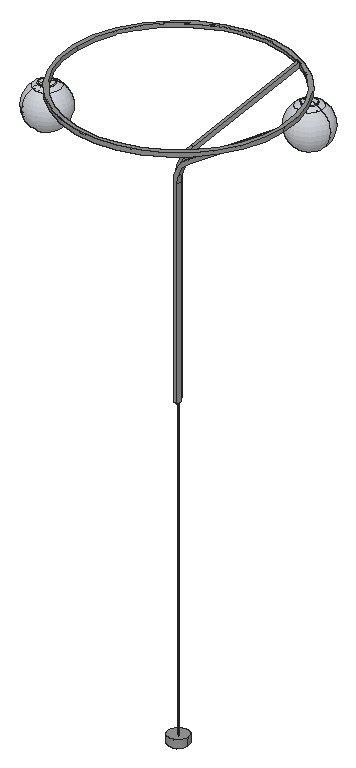
Revit family "Pendant lamp_Na Linii", category Lighting Fixtures, host Face, Revit 2019
Family settings
  Host = Face
  Round Connector Dimension = Use Diameter
  Part Type = Normal
  Cut with Voids When Loaded = No
  Light Source = No
  Shared = No
  Room Calculation Point = No
Parameters
  Material [instance] = Black matt
  Length [instance] = 800 mm
  Default Elevation = 1219.2 mm
Reference planes
  plane 1 "Center (Front/Back)": y = 0
  plane 2: z = 0
  plane 3 "Center (Left/Right)": x = 0
  plane 4: z = 800
  plane 5: z = 1530
  plane 6: z = 1520
Forms (mm)
  Extrusion 1, solid, material "Black matt" <- "Material"
    sketch origin (0, 0, 0) x (1, 0, 0) y (0, 1, 0)
      loop
        circle (0, 0) r 25
    from 0 to 20
  Revolve 2, solid, material "Black matt" <- "Material"
    sketch origin (0, 0, 0) x (1, 0, 0) y (0, 0, 1)
      loop
        line (-1, 800) -> (-1, 0) -> (0, 0) -> (0, 800) -> (-1, 800)
      axis (0, 800) -> (0, 0)
    angle from 0 to 360
  Revolve 3, solid, material "Black matt" <- "Material"
    sketch origin (0, 0, 0) x (1, 0, 0) y (0, 0, 1)
      loop
        line (-5, 800) -> (0, 800) -> (0, 825) -> (-5, 825) -> (-5, 800)
      axis (0, 825) -> (0, 800)
    angle from 0 to 360
  Sweep 4, solid, material "Black matt" <- "Material"
    path origin (-3, -10, 0) x (1, 0, 0) y (0, 0, 1)
      loop
        line (271.687, 1524.343) -> (41.402, 1374.794)
        arc (41.402, 1374.794) -> (16.339, 1347.68) -> (7.25, 1311.894) r 75
        line (7.25, 1311.894) -> (7.25, 800)
    profile origin (153.545, -10, 1449.568) x (0.544639, 0, -0.838671) y (0, -1, 0)
      loop
        line (-5, -5) -> (5, -5) -> (5, 5) -> (-5, 5) -> (-5, -5)
  Sweep 5, solid, material "Black matt" <- "Material"
    path origin (-10.16, 2.402, 0) x (0.5, 0.866025, 0) y (0, 0, 1)
      loop
        line (271.687, 1524.343) -> (41.402, 1374.794)
        arc (41.402, 1374.794) -> (16.339, 1347.68) -> (7.25, 1311.894) r 75
        line (7.25, 1311.894) -> (7.25, 800)
    profile origin (68.112, 137.974, 1449.568) x (0.27232, 0.471671, -0.838671) y (0.866025, -0.5, 0)
      loop
        line (-5, -5) -> (5, -5) -> (5, 5) -> (-5, 5) -> (-5, -5)
  Revolve 6, solid
    sketch origin (467.53, 134.978, 3.958) x (1, 0, 0) y (0, 0, 1)
      loop
        line (-233.748, 1506.102) -> (-263.741, 1506.102)
        arc (-263.741, 1506.102) -> (-286.476, 1444.357) -> (-233.748, 1405) r 55
        line (-233.748, 1405) -> (-233.748, 1506.102)
      axis (-233.748, 1405) -> (-233.748, 1506.102)
    angle from 0 to 360
  Revolve 7, solid
    sketch origin (467.53, 134.978, 13.958) x (1, 0, 0) y (0, 0, 1)
      loop
        arc (-233.748, 1506) -> (-242.738, 1505.274) -> (-251.495, 1503.113) r 56
        line (-251.495, 1503.113) -> (-251.495, 1502.113) -> (-254.246, 1502.113)
        arc (-254.246, 1502.113) -> (-260.064, 1499.431) -> (-265.537, 1496.102) r 56
        line (-265.537, 1496.102) -> (-233.748, 1496.102) -> (-233.748, 1506)
      axis (-233.748, 1496.102) -> (-233.748, 1506)
    angle from 0 to 360
  Extrusion 8, solid, material "Black matt" <- "Material"
    sketch origin (-902.879, -4572, 1520) x (-1, 0, 0) y (0, -1, 0)
      loop
        circle (-902.879, -4572) r 265
      loop
        circle (-902.879, -4572) r 275
    from 0.149 to 10
  Revolve 9, solid
    sketch origin (-350.659, -337.403, 3.958) x (-0.5, -0.866025, 0) y (0, 0, -1)
      loop
        line (-233.748, -1506.102) -> (-233.748, -1405)
        arc (-233.748, -1405) -> (-286.476, -1444.357) -> (-263.741, -1506.102) r 55
        line (-263.741, -1506.102) -> (-233.748, -1506.102)
      axis (-233.748, -1405) -> (-233.748, -1506.102)
    angle from 0 to 360
  Revolve 10, solid
    sketch origin (-350.659, -337.403, 13.958) x (-0.5, -0.866025, 0) y (0, 0, -1)
      loop
        line (-233.748, -1506) -> (-233.748, -1496.102) -> (-265.537, -1496.102)
        arc (-265.537, -1496.102) -> (-260.064, -1499.431) -> (-254.246, -1502.113) r 56
        line (-254.246, -1502.113) -> (-251.495, -1502.113) -> (-251.495, -1503.113)
        arc (-251.495, -1503.113) -> (-242.738, -1505.274) -> (-233.748, -1506) r 56
      axis (-233.748, -1496.102) -> (-233.748, -1506)
    angle from 0 to 360
Cuts and joins
  joined: Sweep 4, Sweep 5, Extrusion 8
Lines and regions (mm)
  symbolic lines
    curve 1: line (0, 0, 1520) -> (0, 150, 1520)
    curve 2: line (0, 0, 1520) -> (-150, 0, 1520)
    curve 3: line (0, 0, 1520) -> (150, 0, 1520)
    curve 4: line (0, 0, 1520) -> (0, -150, 1520)
Dimensions and locks
  "Length": plane 4 to plane 2
  locked: plane 5 to plane 4 at 730
  locked: plane 5 to plane 6 at 10
  aligned and locked: plane 2 to host face
  aligned and locked: level to host face
  aligned and locked: Revolve 2 sketch curve to plane 4
  aligned and locked: Revolve 2 sketch curve to plane 3 "Center (Left/Right)"
  aligned and locked: Revolve 2 sketch curve to plane 2
  aligned and locked: Revolve 3 sketch curve to plane 4
  aligned and locked: plane 5 to Extrusion 8
  aligned and locked: Extrusion 8 to Sweep 5
Automatic sketch dimensions
  host sketch curve to host sketch curve = 2438.4 mm  (x2)
  plane 1 "Center (Front/Back)" to Extrusion 1 sketch curve = 0 mm
  Extrusion 1 sketch curve to plane 3 "Center (Left/Right)" = 0 mm
  Revolve 2 sketch curve to plane 3 "Center (Left/Right)" = 0 mm
  Revolve 2 sketch curve to plane 3 "Center (Left/Right)" = 1 mm
  Revolve 2 sketch curve to Revolve 2 sketch curve = 160 mm
  Revolve 2 sketch curve to Revolve 2 sketch curve = 100 mm
  Revolve 3 sketch curve to plane 3 "Center (Left/Right)" = 0 mm  (x2)
  Revolve 3 sketch curve to plane 3 "Center (Left/Right)" = 5 mm
  Revolve 3 sketch curve to Revolve 3 sketch curve = 25 mm
  Revolve 3 sketch curve to Revolve 3 sketch curve = 13.79 mm
  Revolve 3 sketch curve to Revolve 3 sketch curve = 8.101 mm
  Sweep 4 sketch curve to plane 4 = 0 mm
  plane 3 "Center (Left/Right)" to Sweep 4 sketch curve = 4.25 mm
  plane 3 "Center (Left/Right)" to Sweep 4 sketch curve = 38.402 mm
  Sweep 4 sketch curve to Sweep 4 sketch curve = 75 mm
  Sweep 4 sketch curve to plane 6 = 208.106 mm
  plane 6 to Sweep 4 sketch curve = 4.343 mm
  Sweep 4 sketch curve to Sweep 4 sketch curve = 230.285 mm
  profile plane to Sweep 4 sketch curve = 5 mm  (x2)
  Sweep 4 sketch curve to profile plane = 5 mm  (x2)
  Sweep 5 sketch curve to plane 4 = 0 mm
  Sweep 5 sketch curve to plane 6 = 208.106 mm
  Sweep 5 sketch curve to plane 6 = 145.206 mm
  Sweep 5 sketch curve to Sweep 5 sketch curve = 34.152 mm
  plane 6 to Sweep 5 sketch curve = 4.343 mm
  Sweep 5 sketch curve to Sweep 5 sketch curve = 230.285 mm
  profile plane to Sweep 5 sketch curve = 5 mm  (x2)
  Sweep 5 sketch curve to profile plane = 5 mm  (x2)
  Revolve 6 sketch curve to plane 6 = 9.94 mm
  plane 3 "Center (Left/Right)" to Revolve 6 sketch curve = 203.789 mm
  Revolve 6 sketch curve to Revolve 6 sketch curve = 29.993 mm
  Revolve 6 sketch curve to Revolve 6 sketch curve = 46.102 mm
  Revolve 6 sketch curve to Revolve 6 sketch curve = 0 mm
  Revolve 6 sketch curve to Revolve 6 sketch curve = 21.102 mm
  Revolve 6 sketch curve to Revolve 6 sketch curve = 6.102 mm
  Revolve 7 sketch curve to Revolve 7 sketch curve = 0 mm  (x3)
  Revolve 7 sketch curve to plane 6 = 9.94 mm
  plane 3 "Center (Left/Right)" to Revolve 7 sketch curve = 201.992 mm
  Revolve 7 sketch curve to plane 6 = 3.928 mm
  Revolve 7 sketch curve to Revolve 7 sketch curve = 11.291 mm
  Revolve 7 sketch curve to Revolve 7 sketch curve = 2.751 mm
  Revolve 7 sketch curve to Revolve 7 sketch curve = 17.747 mm
  Revolve 7 sketch curve to Revolve 7 sketch curve = 1 mm
  Revolve 7 sketch curve to Revolve 7 sketch curve = 6.102 mm
  Revolve 7 sketch curve to Revolve 7 sketch curve = 15 mm
  plane 1 "Center (Front/Back)" to curve 3 = 0 mm
  curve 2 to plane 3 "Center (Left/Right)" = 0 mm
  plane 3 "Center (Left/Right)" to curve 3 = 150 mm
  curve 1 to curve 2 = 150 mm
  curve 1 to curve 1 = 150 mm
  plane 1 "Center (Front/Back)" to curve 4 = 150 mm
  Revolve 9 sketch curve to plane 6 = 9.94 mm
  Revolve 9 sketch curve to Revolve 9 sketch curve = 29.993 mm
  Revolve 9 sketch curve to Revolve 9 sketch curve = 46.102 mm
  Revolve 9 sketch curve to Revolve 9 sketch curve = 0 mm
  Revolve 9 sketch curve to Revolve 9 sketch curve = 21.102 mm
  Revolve 9 sketch curve to Revolve 9 sketch curve = 6.102 mm
  Revolve 10 sketch curve to Revolve 10 sketch curve = 0 mm  (x3)
  Revolve 10 sketch curve to plane 6 = 9.94 mm
  Revolve 10 sketch curve to plane 6 = 3.928 mm
  Revolve 10 sketch curve to Revolve 10 sketch curve = 11.291 mm
  Revolve 10 sketch curve to Revolve 10 sketch curve = 2.751 mm
  Revolve 10 sketch curve to Revolve 10 sketch curve = 17.747 mm
  Revolve 10 sketch curve to Revolve 10 sketch curve = 1 mm
  Revolve 10 sketch curve to Revolve 10 sketch curve = 21.102 mm
  Revolve 10 sketch curve to Revolve 10 sketch curve = 6.102 mm
  radius of Extrusion 1 sketch curve = 25 mm
